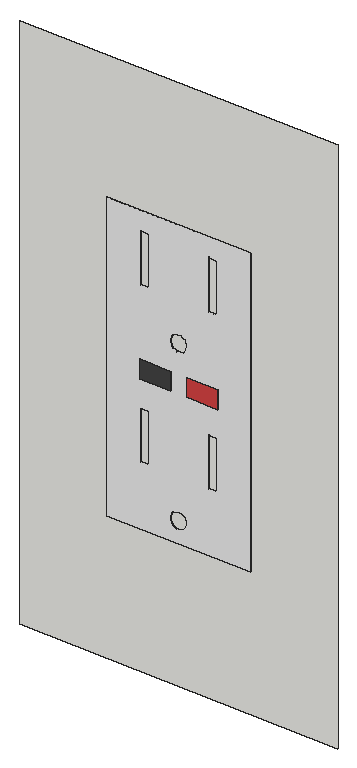
Revit family "Wall-Receptacle", category Electrical Fixtures, host Wall, Revit 2026
Family settings
  Host = Wall
  Round Connector Dimension = Use Diameter
  Part Type = Normal
  Classification Number = 23.85.10.17.11
  Always vertical = Yes
  Cut with Voids When Loaded = No
  Maintain Annotation Orientation = No
  Shared = No
  Room Calculation Point = No
Parameters (values of type "Duplex Receptacle - 20A GFCI")
  Wattage (Max) = 2000
  Warranty Duration (Years) = 2
  Voltage = 110
  UL Listed = yes
  Top Switched [instance] = no
  Test Data = ""
  Specification = "http://www.arcat.com/divs/sec/sec16140.shtml"
  Sales Information = ""
  Receptacle Finish [instance] = Plastic - White
  Product Properties = "http://www.arcat.com/bim/bim_info.pl?fn=Wall-Receptacle"
  Product Data = "http://www.arcat.com/divs/sec/sec16140.shtml"
  Mounting Height = 1' - 4"
  Model = "Generic"  # constant formula
  Manufacturer Website = "http://www.arcat.com/"
  Manufacturer Phone - Toll Free = ""
  Manufacturer Phone = "(203) 939-9444"  # constant formula
  Manufacturer Fax = "(203) 939-2444"  # constant formula
  Manufacturer Email = "bim@arcat.com"  # constant formula
  Manufacturer Address = "1077 Bridgeport Ave, Shelton, CT  06484"  # constant formula
  Manufacturer = "Generic"  # constant formula
  Maintainence Schedule (Months) = 6
  Label [instance] = "20A GFI"
  LEED_Green Building = "http://www.arcat.com/green/green_building.shtml"
  Keynote = "16140"
  Installation_Fabricaton = ""
  Installation Phase = "Finish Electrical"
  Gross Width = 0' - 2 1/2"
  Gross Projection = 0' - 0 1/4"
  Gross Height = 0' - 4 1/4"
  Gross Depth = 1' - 3"
  GFCI = yes
  Finish [instance] = Plastic - Ivory
  Expected Lifespan (Years) = 10
  Drawn By = "Robert S. Weygant, CSI, CDT, SCIP"  # constant formula
  Description = "Duplex Receptacle"
  Default Elevation = 0' - 0"
  Copyright = "2008, ARCAT, Inc."  # constant formula
  Construction Details = "http://www.arcat.com/divs/sec/sec16140.shtml"
  Building Codes = "http://www.nfpa.org/freecodes/free_access_agreement.asp?id=7008SB"
  Bottom Switched [instance] = no
  Assembly Code = "D5020110"
  Amperage [instance] = 20
Types (6): name | UL Listed | Maintainence Schedule (Months) | Label | GFCI | Bottom Switched | Amperage
  (no name) | yes | 6 | "20A GFI" | yes | no | 20
  Duplex Receptacle - 15A | yes | 24 | "15A" | no | no | 15
  Duplex Receptacle - 10A | no | 24 | "10A" | no | yes | 10
  Duplex Receptacle - 20A | yes | 24 | "20A" | no | no | 20
  Duplex Receptacle - 15A GFCI | yes | 6 | "15A GFI" | yes | no | 15
  Duplex Receptacle - 20A GFCI | yes | 6 | "20A GFI" | yes | no | 20
Reference planes (in)
  plane 1: y = 0
  plane 2 "Center (Left/Right)": x = 0.0468
  plane 3 "Wall Edge": y = 3
  plane 4 "Top": z = 16
  plane 5: z = 11.75
  plane 6 "Left": x = 1.2968
  plane 7 "Right": x = -1.2032
  plane 8: z = 13.875
  plane 9 "Projection": y = 3.25
  plane 10 "Wall Face": y = 3
  plane 11: z = 0
Forms (in)
  Blend 1, solid, material "Plastic - Ivory" <- "Finish"
    base sketch origin (0, 3.25, 0) x (0, 0, -1) y (-1, 0, 0)
      loop
        line (-16, -1.2968) -> (-11.75, -1.2968) -> (-11.75, 1.2032) -> (-16, 1.2032) -> (-16, -1.2968)
    top sketch origin (0, 3.25, 0) x (0, 0, -1) y (-1, 0, 0)
      loop
        line (-15.75, -1.0468) -> (-12, -1.0468) -> (-12, 0.9532) -> (-15.75, 0.9532) -> (-15.75, -1.0468)
    from -0.25 to 0
  Extrusion 2, solid, material "Plastic - White" <- "Receptacle Finish"
    sketch origin (0, 3.3125, 0) x (0, 0, 1) y (-1, 0, 0)
      loop
        line (15, -0.6093) -> (15, 0.5157) -> (12.75, 0.5157) -> (12.75, -0.6093) -> (15, -0.6093)
      loop
        line (14.85387, -0.34945) -> (14.85387, -0.28563) -> (14.47096, -0.28563) -> (14.47096, -0.34945) -> (14.85387, -0.34945)
      loop
        line (14.85387, 0.25584) -> (14.47096, 0.25584) -> (14.47096, 0.19202) -> (14.85387, 0.19202) -> (14.85387, 0.25584)
      loop
        circle (14.16394, -0.0468) r 0.06225
      loop
        line (13.60387, -0.34945) -> (13.60387, -0.28563) -> (13.22096, -0.28563) -> (13.22096, -0.34945) -> (13.60387, -0.34945)
      loop
        line (13.60387, 0.25584) -> (13.22096, 0.25584) -> (13.22096, 0.19202) -> (13.60387, 0.19202) -> (13.60387, 0.25584)
      loop
        circle (12.91394, -0.0468) r 0.06225
    from 0 to 0.3125
  Extrusion 3, solid, material "Button - Test", visible <- "GFCI"
    sketch origin (0, 3.34375, 0) x (0, 0, 1) y (-1, 0, 0)
      loop
        line (13.94285, -0.35708) -> (13.94285, -0.10708) -> (13.80612, -0.10708) -> (13.80612, -0.35708) -> (13.94285, -0.35708)
    from 0 to 0.34375
  Extrusion 4, solid, material "Button - Reset", visible <- "GFCI"
    sketch origin (0.09361, 3.34375, 0) x (0, 0, 1) y (-1, 0, 0)
      loop
        line (13.94285, 0.35708) -> (13.80612, 0.35708) -> (13.80612, 0.10708) -> (13.94285, 0.10708) -> (13.94285, 0.35708)
    from 0 to 0.34375
Text (in)
  text "Placement Side" at (0, 40.15149, 123.01588), in view "Right"
  text "Placement Side" at (-29.34418, 75.36357, 0), in view "A101 - Plan View"
  text "Placement Side" at (0, 81.62555, 140.59947), in view "A-202 - Side Elevation"
Dimensions and locks (in)
  locked: plane 3 "Wall Edge" to host wall
  equal spacing: plane 5, plane 8, plane 4 "Top"
  equal spacing: plane 7 "Right", plane 2 "Center (Left/Right)", plane 6 "Left"
  "Gross Width": plane 7 "Right" to plane 6 "Left"
  "Gross Height": plane 5 to plane 4 "Top"
  "Gross Projection": plane 9 "Projection" to plane 10 "Wall Face"
  "Mounting Height": plane 11 to plane 4 "Top"
  locked: Extrusion 2 sketch curve to Extrusion 2 sketch curve at 2.25
  equal spacing: Extrusion 2 sketch curve, plane 8, Extrusion 2 sketch curve
  locked: Extrusion 2 sketch curve to Extrusion 2 sketch curve at 1.125
  equal spacing: Extrusion 2 sketch curve, plane 2 "Center (Left/Right)", Extrusion 2 sketch curve
  aligned and locked: plane 3 "Wall Edge" to plane 10 "Wall Face"
  aligned and locked: plane 11 to level
  aligned and locked: plane 6 "Left" to Blend 1 sketch curve
  aligned and locked: plane 4 "Top" to Blend 1 sketch curve
  aligned and locked: plane 5 to Blend 1 sketch curve
  aligned and locked: Blend 1 sketch curve to plane 7 "Right"
  aligned and locked: plane 10 "Wall Face" to Blend 1
  aligned and locked: plane 9 "Projection" to Blend 1
  aligned and locked: Blend 1 to Extrusion 4
  aligned and locked: Blend 1 to Extrusion 3
Automatic sketch dimensions
  Blend 1 sketch curve to plane 4 "Top" = 0' - 0 1/4"
  plane 5 to Blend 1 sketch curve = 0' - 0 1/4"
  plane 6 "Left" to Blend 1 sketch curve = 0' - 0 1/4"
  plane 7 "Right" to Blend 1 sketch curve = 0' - 0 1/4"
  Extrusion 2 sketch curve to plane 2 "Center (Left/Right)" = 0' - 0"  (x2)
  Extrusion 2 sketch curve to Extrusion 2 sketch curve = 0' - 0.16394"
  Extrusion 2 sketch curve to Extrusion 2 sketch curve = 0' - 0.30702"  (x4)
  Extrusion 2 sketch curve to plane 8 = 0' - 0.27113"  (x2)
  plane 8 to Extrusion 2 sketch curve = 0' - 0.28894"
  Extrusion 2 sketch curve to Extrusion 2 sketch curve = 0' - 0.14613"  (x2)
  plane 2 "Center (Left/Right)" to Extrusion 2 sketch curve = 0' - 0.30265"  (x2)
  Extrusion 2 sketch curve to Extrusion 2 sketch curve = 0' - 0.06382"  (x4)
  Extrusion 2 sketch curve to plane 2 "Center (Left/Right)" = 0' - 0.23883"  (x2)
  Extrusion 3 sketch curve to plane 8 = 0' - 0.06888"
  plane 8 to Extrusion 3 sketch curve = 0' - 0.06785"
  plane 2 "Center (Left/Right)" to Extrusion 3 sketch curve = 0' - 0.31027"
  plane 2 "Center (Left/Right)" to Extrusion 3 sketch curve = 0' - 0.06027"
  plane 8 to Extrusion 4 sketch curve = 0' - 0.06888"
  Extrusion 4 sketch curve to plane 8 = 0' - 0.06785"
  plane 2 "Center (Left/Right)" to Extrusion 4 sketch curve = 0' - 0.31027"
  plane 2 "Center (Left/Right)" to Extrusion 4 sketch curve = 0' - 0.06027"
  radius of Extrusion 2 sketch curve = 0' - 0.06225"  (x2)
Nested families (in)
  nested 1: "RSW Electrical Annotation" at (0.0468, 3, 0), Upper Switched <- "Top Switched", Lower Switched <- "Bottom Switched", type "RSW Electrical Annotation"
    with Upper Switched no, Lower Switched no, GFCI ""
Definition of nested family "RSW Electrical Annotation"
  Parameters
    Upper Switched [instance] = yes
    Lower Switched [instance] = yes
    Label = "GFI"
    GFI = yes
    GFCI [instance] = ""
  Reference planes (in)
    plane 1: y = 0
    plane 2: x = 0
  Lines and regions (in)
    Filled region 1, type "Filled region 1", visible <- "Upper Switched"
      outline origin (0, 0, 0) x (1, 0, 0) y (0, 1, 0)
        loop
          line (-0.01815, 0.08122) -> (-0.01815, 0.1844)
          arc (-0.01815, 0.1844) -> (-0.05469, 0.13281) -> (-0.01815, 0.08122) r 0.05469
    Filled region 2, type "Filled region 1", visible <- "Upper Switched"
      outline origin (0, 0, 0) x (0, 1, 0) y (-1, 0, 0)
        loop
          arc (0.08122, -0.01815) -> (0.13281, -0.05469) -> (0.1844, -0.01815) r 0.05469
          line (0.1844, -0.01815) -> (0.08122, -0.01815)
    detail lines
      curve 1: arc (-0.04796, 0.10653, 0) -> (0.048, 0.15902, 0) -> (-0.04796, 0.10653, 0) r 0.05469
      curve 2: line (-0.01815, 0.01567, 0) -> (-0.01815, 0.1844, 0)
      curve 3: line (0.01815, 0.01567, 0) -> (0.01815, 0.1844, 0)
  Text (in)
    label "Type" at (0.10132, 0.12718, 0), shows "Label"
